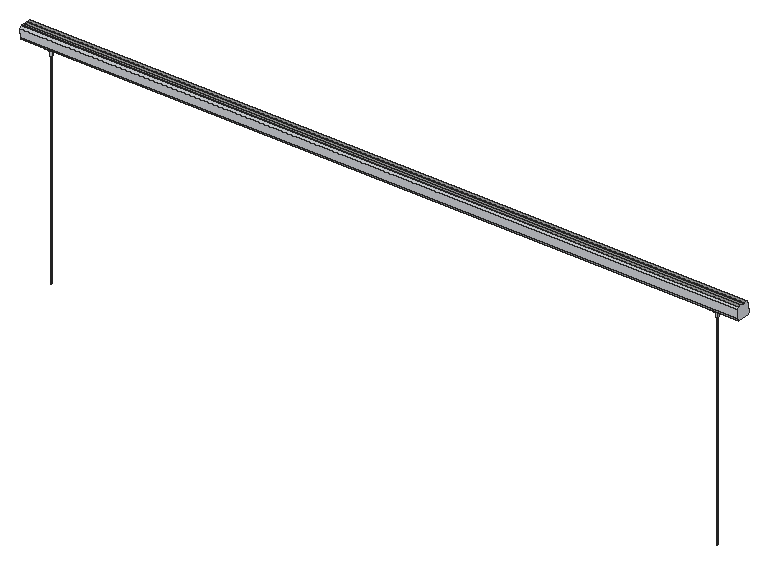
Revit family "0042541 Sylvania Lighting Fixture ISOLINE 3380MM 4K ASYR 5C", category Lighting Fixtures, host Face, Revit 2018
Family settings
  Host = Face
  Round Connector Dimension = Use Diameter
  Part Type = Normal
  OmniClass Number = 23.80.70.00
  OmniClass Title = Lighting
  Cut with Voids When Loaded = No
  Light Source = Yes
  Shared = No
  Room Calculation Point = No
Parameters (values of type "0042541 ISOLINE 3380MM 4K ASYR 5C")
  suspension height = 1000 mm
  spacer height = 5 mm
  spacer centres = 1000 mm
  height = 58.791 mm
  Width = 62 mm
  Weight = "n/a"
  Wattage Comments = ""
  Wattage = 9.2903 W
  WarrantyStartDate [instance] = "n/a"
  WarrantyGuarantorParts = "n/a"
  WarrantyDurationUnit = "n/a"
  WarrantyDurationParts = ""
  WarrantyDescription = "http://www.sylvania-lighting.com"
  built-in parameter 1150110 = 1 (stored number, unit not read)
  Voltage = 0 V
  URL = "0"
  TypeName = "ISOLINE 3380MM 4K ASYR 5C"
  Type Image = <None>
  Type Comments = "n/a"
  built-in parameter 1114217 = 1 (stored number, unit not read)
  Tilt Angle = 90.00°
  built-in parameter 1150109 = 1 (stored number, unit not read)
  built-in parameter 1150134 = 3
  built-in parameter 1150113 = 1 (stored number, unit not read)
  SerialNumber [instance] = "n/a"
  Photometric Web File = "0042541.ies"
  Material_3_FEILO = none
  PowerFactor = 0
  PowerConsumption = "Lighting"
  NominalLength = 62 mm
  NominalHeight = 0 mm
  NominalDepth = 0 mm
  Name = "ISOLINE 3380MM 4K ASYR 5C"
  ModelReference = Name  # "ISOLINE 3380MM 4K ASYR 5C"
  ModelNumber = "0042541"
  Model = Name  # "ISOLINE 3380MM 4K ASYR 5C"
  Material = "Feilo Sylvania"
  ManufacturerName = "140 lm/W"
  Manufacturer = ""
  LuminousEfficacy = ""
  built-in parameter 1150105 = 109.82 (stored number, unit not read)
  Lumens = 1380 lm
  LuminaireType = "0"
  built-in parameter 1150115 = 1 (stored number, unit not read)
  LightOutputRatio = "LED"
  built-in parameter 1150137 = (empty or 0)
  built-in parameter 1150139 = (empty or 0)
  Length = 3380 mm
  LampsType = Lamp  # "n/a"
  LampNominalLuminous = "4000 K"
  LampMacAdamStep = "80"
  LampColourTemperature = "LED"
  LampColourRenderingIndex = "16500"
  built-in parameter 1150112 = 1 (stored number, unit not read)
  built-in parameter 1150114 = 1 (stored number, unit not read)
  Lamp = "n/a"
  Keynote = "n/a"
  InstallationDate [instance] = "n/a"
  InputVoltage = "0"
  InputNominalFrequency = "4000"
  built-in parameter 1150132 = (empty or 0)
  built-in parameter 1150102 = (empty or 0)
  built-in parameter 1150107 = 3200 (stored number, unit not read)
  built-in parameter 1150138 = (empty or 0)
  IngressProtection = "IfcLightFixtureType"
  ImpactProtectionIndex = "IfcLightFixtureType"
  built-in parameter 1150106 = 1.0982 (stored number, unit not read)
  IfcExportType = "IfcLightFixtureType"
  IfcExportAs = "Class I"
  Height = 1000 mm
  ExpectedLife = 50000
  Emit from Circle Diameter = 609.6 mm
  Emit Shape Visible in Rendering = no
  ElectricShockClassification = "140"
  built-in parameter 1150104 = 13.8 (stored number, unit not read)
  DurationUnit = "hours"
  DocumentationLiterature = "http://www.sylvania-lighting.com/product/en-int/products/0042541"
  DimmingControlOptions = "n/a"
  Material_2_FEILO = none
  Dimming Lamp Color Temperature Shift = <None>
  Description = "Isoline LED linear luminaire for industrial and commercial applications. 3380 mm lenght with asymmetrical (Right) optics provide homogenous light distribution for wide, shelf areas. Aluminium housing, RAL 9016. Max + 35 °C operating temperature range, 4000 K, CRI 80, 3 SDMC. 114 W power consumption, 16000 lm luminous flux, 140 lm/W efficacy, 3380 mm x62 mm x 59 mm (L x W x H) dimensions, IP20, IK03, 220-240 V 50/60 Hz, Class I.Lifespan L70:B50 60,000 hours."
  Default Elevation = 1219.2 mm
  CreatedOn = "04/03/2021"
  CreatedBy = "@sylvania-lighting.com"
  Cost = 0
  Color Filter = 16777215
  built-in parameter 1114216 [instance] = (empty or 0)
  ClassificationValue = "EF_70_80"
  ClassificationName = "Uniclass2015"
  Material_1_FEILO = none
  BarCode [instance] = "n/a"
  built-in parameter 1114218 = 1 (stored number, unit not read)
  built-in parameter 1150133 = 10 (stored number, unit not read)
  AssetType = "Fixed"
  AssetIdentifier [instance] = "n/a"
  Assembly Code = "D5020200"
  Apparent Load = 114 VA
  Material_4_FEILO = none
Reference planes
  plane 1 "Center (Front/Back)": y = 0
  plane 2: z = 0
  plane 3 "Center (Left/Right)": x = 0
  plane 4: z = 0
  plane 5: z = 1000
  plane 6: y = 31
  plane 7: y = -31
  plane 8: x = -1690
  plane 9: x = 1690
  plane 10: x = -37.307
  plane 11: x = 55
  plane 12: z = 1058.791
  plane 13: z = 51
  plane 14: y = -27
  plane 15: y = 27
  plane 16: z = 12
  plane 17: y = -24.969
  plane 18: y = 25
  plane 19: y = 12
  plane 20: y = -12
  plane 21: z = 1.634
  plane 22: y = -8
  plane 23: y = 8
  plane 24: x = -1580
  plane 25: x = -1555
  plane 26: x = 1580
  plane 27: x = 1555
  plane 28: z = 995
  plane 29: y = 26.98
  plane 30: y = 16.98
  plane 31: y = -27.027
  plane 32: y = -17.004
  plane 33: z = 996.5
  plane 34: y = 26.002
  plane 35: y = -26.027
  plane 36: through (-1580, 7.965, 1219.2) normal (0.5391, 0.8423, 0)
  plane 37: through (-1555, 7.965, 1219.2) normal (0.5391, -0.8423, 0)
  plane 38: through (1555, 7.965, 1219.2) normal (0.5391, 0.8423, 0)
  plane 39: through (1580, 8, 1219.2) normal (0.5399, -0.8417, 0)
  plane 40: z = 1058.003
  plane 41: z = 1056.819
Forms (mm)
  Extrusion 1, solid, detail levels medium+fine
    sketch origin (-1690, -1523.717, -160.594) x (0, -1, -0.000261) y (0, 0.000261, -1)
      loop
        line (-1493, -1168.2) -> (-1497, -1160.2) -> (-1551, -1160.2) -> (-1555, -1168.2) -> (-1555, -1207.2) -> (-1549.109, -1218.982) -> (-1535.466, -1218.982) -> (-1532, -1217.566) -> (-1516, -1217.566) -> (-1512.511, -1218.991) -> (-1498.896, -1218.991) -> (-1493, -1207.2) -> (-1493, -1168.2)
    from 0 to 3380
  Extrusion 2, solid
    sketch origin (1555, 1524, 1219.189) x (0, 1, 0) y (0, 0, 1)
      loop
        line (-1497.021, -219.189) -> (-1498.02, -219.189) -> (-1507.02, -223.699) -> (-1541.004, -223.699) -> (-1550.017, -219.203) -> (-1551.02, -219.203) -> (-1541.004, -224.2) -> (-1507.02, -224.2) -> (-1497.021, -219.189)
    from 0 to 25
  Extrusion 3, solid
    sketch origin (-1580, 1524, 1219.189) x (0, 1, 0) y (0, 0, 1)
      loop
        line (-1497.021, -219.189) -> (-1498.02, -219.189) -> (-1507.02, -223.699) -> (-1541.004, -223.699) -> (-1550.017, -219.203) -> (-1551.02, -219.203) -> (-1541.004, -224.2) -> (-1507.02, -224.2) -> (-1497.021, -219.189)
    from 0 to 25
  Extrusion 4, solid
    sketch origin (4.2, 0, 0) x (1, 0, 0) y (0, 1, 0)
      loop
        circle (-1571.7, -0.035) r 5
    from 962.277 to 995
  Extrusion 5, solid
    sketch origin (3139.062, 0.065, 0) x (1, 0, 0) y (0, 1, 0)
      loop
        circle (-1571.7, -0.035) r 5
    from 962.277 to 995
  Extrusion 6, solid
    sketch origin (4.2, 0, 0) x (1, 0, 0) y (0, 1, 0)
      loop
        circle (-1571.7, -0.035) r 1.5
    from 0 to 962.277
  Extrusion 7, solid
    sketch origin (3139.076, 0.033, 0) x (1, 0, 0) y (0, 1, 0)
      loop
        circle (-1571.7, -0.035) r 1.5
    from 0 to 977.512
  Extrusion 8, solid, material "Glass, White, High Luminance", detail levels fine
    sketch origin (319, 1524, 1219.2) x (0, 1, 0) y (0, 0, 1)
      loop
        line (-1498.926, -160.099) -> (-1512.703, -160.099) -> (-1516.213, -161.534) -> (-1531.9, -161.534) -> (-1535.47, -160.114) -> (-1549.12, -160.114) -> (-1549.12, -161.197) -> (-1535.782, -161.197) -> (-1532.805, -162.381) -> (-1515.468, -162.381) -> (-1512.929, -161.197) -> (-1498.926, -161.197) -> (-1498.926, -160.099)
    from -2009 to 1371
  Extrusion 9, solid, detail levels coarse
    sketch origin (319, 1524, 1219.2) x (0, 1, 0) y (0, 0, 1)
      loop
        line (-1493, -160.052) -> (-1555, -160.052) -> (-1555, -1219.2) -> (-1493, -1219.2) -> (-1493, -160.052)
    from -2009 to 1371
Dimensions and locks
  "Width": plane 6 to plane 7
  equal spacing: plane 6, plane 1 "Center (Front/Back)", plane 7
  "Length": plane 8 to plane 9
  equal spacing: plane 8, plane 3 "Center (Left/Right)", plane 9
  "height": plane 12 to plane 5
  "suspension height": plane 5 to level
  aligned and locked: host face to plane 2
  aligned and locked: host face to level
Automatic sketch dimensions
  host sketch curve to host sketch curve = 3582.803 mm
  host sketch curve to host sketch curve = 2438.4 mm
  Extrusion 1 sketch curve to plane 29 = 0 mm
  Extrusion 1 sketch curve to plane 6 = 0.033 mm
  Extrusion 1 sketch curve to plane 12 = 11.778 mm
  Extrusion 1 sketch curve to Extrusion 1 sketch curve = 4 mm  (x2)
  Extrusion 1 sketch curve to Extrusion 1 sketch curve = 5.891 mm
  Extrusion 1 sketch curve to Extrusion 1 sketch curve = 13.643 mm
  Extrusion 1 sketch curve to Extrusion 1 sketch curve = 3.466 mm
  Extrusion 1 sketch curve to Extrusion 1 sketch curve = 16 mm
  Extrusion 1 sketch curve to Extrusion 1 sketch curve = 3.489 mm
  Extrusion 1 sketch curve to Extrusion 1 sketch curve = 13.615 mm
  Extrusion 1 sketch curve to Extrusion 1 sketch curve = 54 mm
  Extrusion 1 sketch curve to Extrusion 1 sketch curve = 47 mm
  Extrusion 1 sketch curve to Extrusion 1 sketch curve = 10.366 mm
  Extrusion 1 sketch curve to Extrusion 1 sketch curve = 1.425 mm
  Extrusion 1 sketch curve to Extrusion 1 sketch curve = 11.782 mm
  Extrusion 1 sketch curve to Extrusion 1 sketch curve = 8 mm  (x2)
  Extrusion 2 sketch curve to plane 32 = 0 mm  (x2)
  Extrusion 2 sketch curve to plane 30 = 0 mm  (x2)
  Extrusion 2 sketch curve to plane 5 = 0 mm
  Extrusion 2 sketch curve to plane 35 = 0.01 mm
  Extrusion 2 sketch curve to plane 31 = 0.007 mm
  plane 34 to Extrusion 2 sketch curve = 0.022 mm
  plane 29 to Extrusion 2 sketch curve = 0.001 mm
  Extrusion 2 sketch curve to plane 5 = 0.014 mm
  plane 28 to Extrusion 2 sketch curve = 0.489 mm
  Extrusion 2 sketch curve to plane 28 = 0.011 mm
  Extrusion 3 sketch curve to plane 32 = 0 mm  (x2)
  Extrusion 3 sketch curve to plane 30 = 0 mm  (x2)
  Extrusion 3 sketch curve to plane 5 = 0 mm
  Extrusion 3 sketch curve to plane 35 = 0.01 mm
  Extrusion 3 sketch curve to plane 31 = 0.007 mm
  plane 34 to Extrusion 3 sketch curve = 0.022 mm
  plane 29 to Extrusion 3 sketch curve = 0.001 mm
  Extrusion 3 sketch curve to plane 5 = 0.014 mm
  plane 28 to Extrusion 3 sketch curve = 0.489 mm
  Extrusion 3 sketch curve to plane 28 = 0.011 mm
  Extrusion 4 sketch curve to plane 36 = 0 mm
  plane 37 to Extrusion 4 sketch curve = 0 mm
  Extrusion 5 sketch curve to plane 1 "Center (Front/Back)" = 0.029 mm
  plane 27 to Extrusion 5 sketch curve = 12.362 mm
  Extrusion 6 sketch curve to plane 36 = 0 mm
  plane 37 to Extrusion 6 sketch curve = 0 mm
  plane 1 "Center (Front/Back)" to Extrusion 7 sketch curve = 0.002 mm
  plane 27 to Extrusion 7 sketch curve = 12.376 mm
  Extrusion 8 sketch curve to plane 40 = 0 mm  (x2)
  Extrusion 8 sketch curve to plane 41 = 0 mm
  plane 17 to Extrusion 8 sketch curve = 0.151 mm
  Extrusion 8 sketch curve to plane 20 = 0.218 mm
  plane 12 to Extrusion 8 sketch curve = 0.295 mm
  Extrusion 8 sketch curve to plane 20 = 0.53 mm
  plane 22 to Extrusion 8 sketch curve = 0.805 mm
  Extrusion 8 sketch curve to plane 22 = 0.1 mm
  plane 23 to Extrusion 8 sketch curve = 0.213 mm
  Extrusion 8 sketch curve to plane 23 = 0.532 mm
  plane 19 to Extrusion 8 sketch curve = 0.929 mm
  Extrusion 8 sketch curve to plane 18 = 0.074 mm
  plane 41 to Extrusion 8 sketch curve = 0.848 mm
  plane 19 to Extrusion 8 sketch curve = 0.703 mm
  plane 12 to Extrusion 8 sketch curve = 0.31 mm
  Extrusion 9 sketch curve to plane 7 = 0 mm
  Extrusion 9 sketch curve to plane 6 = 0 mm
  Extrusion 9 sketch curve to plane 33 = 996.5 mm
  plane 12 to Extrusion 9 sketch curve = 0.357 mm
  radius of Extrusion 4 sketch curve = 5 mm
  radius of Extrusion 5 sketch curve = 5 mm
  radius of Extrusion 6 sketch curve = 1.5 mm
  radius of Extrusion 7 sketch curve = 1.5 mm
Connectors
  electrical at (0, -0.02, 1000.004)
    settings: on Extrusion 1, index 1, voltage 0 V, apparent load 0 VA, apparent load phase1 0 VA, apparent load phase2 0 VA, apparent load phase3 0 VA, power factor 1, load classification "Other", number of poles 1, system type 31, power factor state 1, is connector primary yes, connector utility no, sub classification motor no, connector description ""
